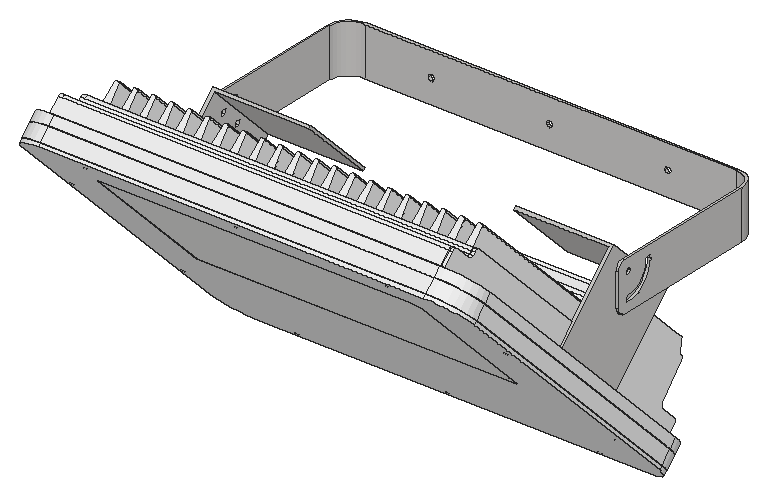
Revit family "FT ATEX LED MAX_2021", category Luminarias, Revit 2021 (continued)
Types (12, lengths in mm): name | Wattage | Power | Position | Archivo de red fotométrica | built-in parameter 1150142 | Modules | Lumens | built-in parameter 1150105 | built-in parameter 1150106 | Equiv MH
    \t0\r\n0\r\n1060.3234\t1056.6199\t1056.6199\t1060.3234\t1065.3088\t1072.4308\t1076.2766\t1086.5323\t1091.5177\t1098.6397\r\n1104.6222\t1113.8808\t1131.4009\t1155.3308\t1190.2286\t1232.2484\t1284.0966\t1334.9477\t1386.2261\t1441.3504\r\n1495.9049\t1554.3053\t1609.9993\t1671.6758\t1736.0587\t1815.1129\t1899.7223\t2006.6947\t2133.8936\t2288.2986\r\n2472.7584\t2667.0466\t2872.8724\t3085.6777\t3298.4831\t3474.8238\t3524.9627\t3392.351\t3060.6083\t2550.8155\r\n1933.0532\t1332.6686\t911.3311\t655.9362\t489.5663\t376.6114\t0\t0\t0\t0\r\n0\t0\t0\t0\t0\t0\t0\t0\t0\t0\r\n0\t0\t0\t0\t0\t0\t0\t0\t0\t0\r\n0\t0\t0\t0\t0\t0\t0\t0\t0\t0\r\n0\t0\t0\t0\t0\t0\t0\t0\t0\t0\r\n0\r\n1060.1809\t1056.9048\t1057.0472\t1060.6082\t1065.5936\t1072.7156\t1077.8435\t1086.5323\t1091.8026\t1099.6368\r\n1105.6193\t1115.4476\t1131.4009\t1154.7611\t1189.5164\t1231.9636\t1284.3815\t1334.9477\t1388.6476\t1442.9172\r\n1500.3205\t1558.436\t1614.5574\t1677.6583\t1743.608\t1822.8047\t1909.2658\t2018.6597\t2146.9981\t2307.1007\r\n2492.9849\t2689.4096\t2894.0959\t3108.3257\t3324.692\t3501.1752\t3562.1395\t3444.4841\t3125.5609\t2602.3788\r\n1956.8407\t1333.5233\t905.3486\t647.8171\t482.7292\t371.0562\t0\t0\t0\t0\r\n0\t0\t0\t0\t0\t0\t0\t0\t0\t0\r\n0\t0\t0\t0\t0\t0\t0\t0\t0\t0\r\n0\t0\t0\t0\t0\t0\t0\t0\t0\t0\r\n0\t0\t0\t0\t0\t0\t0\t0\t0\t0\r\n0\r\n1059.896\t1057.0472\t1057.617\t1060.8931\t1065.8785\t1073.0005\t1079.5528\t1086.5323\t1092.0875\t1100.7763\r\n1106.7588\t1117.1569\t1131.4009\t1154.1913\t1188.6618\t1231.8211\t1284.6664\t1334.9477\t1391.069\t1444.6265\r\n1504.5937\t1562.4244\t1619.2579\t1683.6408\t1751.2998\t1830.4964\t1918.8092\t2030.7671\t2160.1026\t2326.0452\r\n2513.2114\t2711.7727\t2915.3195\t3130.9736\t3350.901\t3527.669\t3599.1739\t3496.6171\t3190.3711\t2653.9421\r\n1980.4858\t1334.3779\t899.3662\t639.5556\t475.892\t365.6435\t0\t0\t0\t0\r\n0\t0\t0\t0\t0\t0\t0\t0\t0\t0\r\n0\t0\t0\t0\t0\t0\t0\t0\t0\t0\r\n0\t0\t0\t0\t0\t0\t0\t0\t0\t0\r\n0\t0\t0\t0\t0\t0\t0\t0\t0\t0\r\n0\r\n1059.896\t1057.617\t1058.1868\t1062.0326\t1066.4483\t1074.5674\t1079.6952\t1087.1021\t1093.0846\t1101.631\r\n1108.8954\t1118.4389\t1133.5375\t1155.046\t1190.5135\t1234.8124\t1287.0878\t1340.0755\t1395.1998\t1451.8909\r\n1510.1489\t1567.4098\t1622.2492\t1686.3472\t1753.7213\t1830.6389\t1919.0941\t2028.488\t2165.2304\t2333.8794\r\n2524.8914\t2728.7231\t2936.1157\t3148.6362\t3354.1771\t3521.4017\t3613.7028\t3539.4916\t3251.6203\t2713.482\r\n2020.0841\t1346.9126\t897.5144\t634.7126\t474.4676\t364.504\t0\t0\t0\t0\r\n0\t0\t0\t0\t0\t0\t0\t0\t0\t0\r\n0\t0\t0\t0\t0\t0\t0\t0\t0\t0\r\n0\t0\t0\t0\t0\t0\t0\t0\t0\t0\r\n0\t0\t0\t0\t0\t0\t0\t0\t0\t0\r\n0\r\n1059.896\t1058.1868\t1058.7565\t1063.1722\t1066.8756\t1076.2766\t1079.9801\t1087.6718\t1094.2241\t1102.3432\r\n1111.1744\t1119.8633\t1135.6741\t1155.9006\t1192.5077\t1237.8036\t1289.6518\t1345.2034\t1399.3306\t1459.2978\r\n1515.5616\t1572.2527\t1625.2404\t1689.0535\t1756.2852\t1830.9238\t1919.379\t2026.3514\t2170.5007\t2341.856\r\n2536.5715\t2745.6734\t2956.912\t3166.4412\t3357.4532\t3515.1343\t3628.0892\t3582.2236\t3312.7271\t2772.8795\r\n2059.6824\t1359.4474\t895.5203\t629.7272\t473.1857\t363.5069\t0\t0\t0\t0\r\n0\t0\t0\t0\t0\t0\t0\t0\t0\t0\r\n0\t0\t0\t0\t0\t0\t0\t0\t0\t0\r\n0\t0\t0\t0\t0\t0\t0\t0\t0\t0\r\n0\t0\t0\t0\t0\t0\t0\t0\t0\t0\r\n0\r\n1059.3263\t1058.4716\t1058.7565\t1063.8844\t1068.3\t1077.2737\t1082.9713\t1089.5236\t1096.6456\t1103.4827\r\n1112.7413\t1121.715\t1137.3834\t1160.0314\t1195.214\t1242.0768\t1292.643\t1348.4795\t1402.8916\t1461.5768\r\n1517.6982\t1573.1074\t1626.8072\t1687.2018\t1756.4276\t1833.4877\t1923.2249\t2032.9037\t2178.3349\t2352.6815\r\n2550.2458\t2762.6238\t2974.8594\t3180.6852\t3372.4094\t3543.7648\t3664.4114\t3617.5487\t3352.0405\t2810.0563\r\n2083.6123\t1365.145\t890.9622\t624.3145\t469.9096\t362.6522\t0\t0\t0\t0\r\n0\t0\t0\t0\t0\t0\t0\t0\t0\t0\r\n0\t0\t0\t0\t0\t0\t0\t0\t0\t0\r\n0\t0\t0\t0\t0\t0\t0\t0\t0\t0\r\n0\t0\t0\t0\t0\t0\t0\t0\t0\t0\r\n0\r\n1058.7565\t1058.7565\t1058.7565\t1064.739\t1069.7244\t1078.4132\t1086.105\t1091.5177\t1099.067\t1104.6222\r\n1114.4506\t1123.7092\t1138.9502\t1164.0197\t1197.9204\t1246.4924\t1295.6342\t1351.7556\t1406.4526\t1463.7134\r\n1519.8348\t1573.962\t1628.5165\t1685.2076\t1756.7125\t1835.9092\t1927.0708\t2039.4559\t2186.3116\t2363.6494\r\n2563.92\t2779.4317\t2992.8068\t3194.7868\t3387.5081\t3572.3952\t3700.7336\t3652.7314\t3391.2115\t2847.2332\r\n2107.6847\t1370.985\t886.2617\t618.9018\t466.6334\t361.7976\t0\t0\t0\t0\r\n0\t0\t0\t0\t0\t0\t0\t0\t0\t0\r\n0\t0\t0\t0\t0\t0\t0\t0\t0\t0\r\n0\t0\t0\t0\t0\t0\t0\t0\t0\t0\r\n0\t0\t0\t0\t0\t0\t0\t0\t0\t0\r\n0\r\n1059.896\t1058.7565\t1060.1809\t1065.5936\t1071.861\t1081.1196\t1087.9567\t1094.2241\t1100.7763\t1106.7588\r\n1115.3052\t1124.2789\t1140.6595\t1164.8743\t1201.4814\t1248.0593\t1299.1952\t1354.7468\t1408.874\t1463.9983\r\n1518.8377\t1573.962\t1630.0834\t1688.4838\t1759.7038\t1837.7609\t1930.6318\t2043.5867\t2191.4394\t2369.6318\r\n2571.6118\t2789.545\t3007.0508\t3217.4347\t3427.2488\t3624.1009\t3736.771\t3683.4984\t3423.6878\t2869.8811\r\n2119.3648\t1367.8513\t878.4275\t609.3583\t457.3748\t354.5332\t0\t0\t0\t0\r\n0\t0\t0\t0\t0\t0\t0\t0\t0\t0\r\n0\t0\t0\t0\t0\t0\t0\t0\t0\t0\r\n0\t0\t0\t0\t0\t0\t0\t0\t0\t0\r\n0\t0\t0\t0\t0\t0\t0\t0\t0\t0\r\n0\r\n1060.8931\t1058.7565\t1061.4629\t1066.4483\t1073.9976\t1083.826\t1089.8084\t1096.9304\t1102.3432\t1108.8954\r\n1116.0174\t1124.8487\t1142.2264\t1165.729\t1205.0424\t1249.7686\t1302.7562\t1357.8805\t1411.2955\t1464.2832\r\n1517.6982\t1573.962\t1631.7926\t1691.7599\t1762.695\t1839.755\t1934.1928\t2047.575\t2196.5672\t2375.6143\r\n2579.1611\t2799.6582\t3021.2948\t3240.0827\t3467.132\t3675.6642\t3772.8083\t3714.4079\t3456.1642\t2892.5291\r\n2131.1873\t1364.8601\t870.4508\t599.8148\t448.1162\t347.1263\t0\t0\t0\t0\r\n0\t0\t0\t0\t0\t0\t0\t0\t0\t0\r\n0\t0\t0\t0\t0\t0\t0\t0\t0\t0\r\n0\t0\t0\t0\t0\t0\t0\t0\t0\t0\r\n0\t0\t0\t0\t0\t0\t0\t0\t0\t0\r\n0\r\n1060.1809\t1059.896\t1062.0326\t1067.1605\t1075.7069\t1084.3957\t1092.5148\t1098.6397\t1105.4768\t1112.4564\r\n1120.7179\t1131.116\t1147.2118\t1171.9963\t1208.3185\t1253.8993\t1304.8928\t1358.023\t1411.0106\t1461.5768\r\n1516.8436\t1574.5318\t1632.9322\t1695.8906\t1767.9653\t1845.7375\t1937.8962\t2053.1302\t2198.8463\t2379.1753\r\n2584.1465\t2808.347\t3030.5534\t3256.4633\t3496.0474\t3713.5532\t3808.988\t3738.0529\t3463.571\t2888.1134\r\n2119.9345\t1349.3341\t859.483\t592.9777\t443.1308\t343.8502\t0\t0\t0\t0\r\n0\t0\t0\t0\t0\t0\t0\t0\t0\t0\r\n0\t0\t0\t0\t0\t0\t0\t0\t0\t0\r\n0\t0\t0\t0\t0\t0\t0\t0\t0\t0\r\n0\t0\t0\t0\t0\t0\t0\t0\t0\t0\r\n0\r\n1059.3263\t1060.8931\t1062.6024\t1068.0151\t1077.2737\t1084.9655\t1095.3636\t1100.2066\t1108.4681\t1116.0174\r\n1125.276\t1137.3834\t1152.0547\t1178.2637\t1211.5946\t1257.8876\t1307.0294\t1358.3078\t1410.7258\t1458.728\r\n1516.1314\t1574.9591\t1633.9292\t1700.0214\t1773.0931\t1851.72\t1941.7421\t2058.5429\t2200.9829\t2382.7363\r\n2588.9894\t2817.1783\t3039.812\t3272.8439\t3524.9627\t3751.4423\t3845.3102\t3761.8404\t3470.9779\t2883.6978\r\n2108.8242\t1333.8082\t848.6575\t586.1406\t438.2879\t340.574\t0\t0\t0\t0\r\n0\t0\t0\t0\t0\t0\t0\t0\t0\t0\r\n0\t0\t0\t0\t0\t0\t0\t0\t0\t0\r\n0\t0\t0\t0\t0\t0\t0\t0\t0\t0\r\n0\t0\t0\t0\t0\t0\t0\t0\t0\t0\r\n0\r\n1060.1809\t1060.8931\t1063.457\t1069.4395\t1078.4132\t1088.2416\t1096.3607\t1104.3373\t1112.1715\t1120.7179\r\n1130.5463\t1140.6595\t1157.325\t1182.1096\t1218.4318\t1263.4428\t1312.2997\t1361.8688\t1412.435\t1463.4286\r\n1516.4162\t1574.9591\t1633.3595\t1699.7365\t1768.535\t1846.5922\t1940.1752\t2058.8278\t2208.3898\t2391.9949\r\n2600.5271\t2821.4515\t3044.5126\t3279.1112\t3530.3754\t3745.7447\t3829.7843\t3737.4832\t3433.5162\t2848.2302\r\n2079.624\t1319.2793\t839.6838\t579.3035\t434.1571\t338.8648\t0\t0\t0\t0\r\n0\t0\t0\t0\t0\t0\t0\t0\t0\t0\r\n0\t0\t0\t0\t0\t0\t0\t0\t0\t0\r\n0\t0\t0\t0\t0\t0\t0\t0\t0\t0\r\n0\t0\t0\t0\t0\t0\t0\t0\t0\t0\r\n0\r\n1060.8931\t1060.8931\t1064.1692\t1070.7215\t1079.5528\t1091.5177\t1097.5002\t1108.4681\t1116.0174\t1125.276\r\n1135.6741\t1143.9356\t1162.4528\t1185.9554\t1225.2689\t1268.8555\t1317.4276\t1365.4298\t1414.0019\t1468.1291\r\n1516.7011\t1574.9591\t1632.9322\t1699.4516\t1763.8345\t1841.3219\t1938.466\t2059.1126\t2215.7966\t2401.2535\r\n2611.9223\t2825.8672\t3049.0706\t3285.3786\t3535.9306\t3740.0471\t3814.2583\t3713.2684\t3396.1969\t2812.7627\r\n2050.4238\t1304.8928\t830.5676\t572.4664\t430.0264\t337.2979\t0\t0\t0\t0\r\n0\t0\t0\t0\t0\t0\t0\t0\t0\t0\r\n0\t0\t0\t0\t0\t0\t0\t0\t0\t0\r\n0\t0\t0\t0\t0\t0\t0\t0\t0\t0\r\n0\t0\t0\t0\t0\t0\t0\t0\t0\t0\r\n0\r\n1061.178\t1060.8931\t1065.8785\t1072.4308\t1081.4045\t1093.0846\t1101.631\t1112.0291\t1120.1482\t1129.9765\r\n1139.2351\t1147.924\t1165.729\t1190.5135\t1228.2601\t1270.5648\t1318.2822\t1365.4298\t1414.2868\t1466.9896\r\n1516.7011\t1575.244\t1633.3595\t1697.0302\t1763.8345\t1843.316\t1941.7421\t2062.9585\t2220.0698\t2408.9453\r\n2619.0443\t2836.2653\t3057.7595\t3291.0762\t3517.8407\t3700.4488\t3757.1399\t3633.3595\t3293.6401\t2706.6449\r\n1978.9189\t1288.5122\t852.7883\t583.4342\t432.4478\t335.5886\t0\t0\t0\t0\r\n0\t0\t0\t0\t0\t0\t0\t0\t0\t0\r\n0\t0\t0\t0\t0\t0\t0\t0\t0\t0\r\n0\t0\t0\t0\t0\t0\t0\t0\t0\t0\r\n0\t0\t0\t0\t0\t0\t0\t0\t0\t0\r\n0\r\n1061.4629\t1060.8931\t1067.4454\t1073.9976\t1083.2562\t1094.7938\t1105.6193\t1115.4476\t1124.2789\t1134.677\r\n1142.7961\t1152.0547\t1169.0051\t1195.214\t1231.2514\t1272.1316\t1319.1368\t1365.4298\t1414.5716\t1465.85\r\n1516.7011\t1575.5288\t1633.9292\t1694.6087\t1763.8345\t1845.1678\t1945.0182\t2066.8044\t2224.4855\t2416.637\r\n2626.1663\t2846.6634\t3066.5908\t3296.9162\t3499.8932\t3660.8504\t3700.1639\t3553.3082\t3190.9409\t2600.5271\r\n1907.414\t1272.1316\t874.8665\t594.2597\t435.0118\t334.0218\t0\t0\t0\t0\r\n0\t0\t0\t0\t0\t0\t0\t0\t0\t0\r\n0\t0\t0\t0\t0\t0\t0\t0\t0\t0\r\n0\t0\t0\t0\t0\t0\t0\t0\t0\t0\r\n0\t0\t0\t0\t0\t0\t0\t0\t0\t0\r\n0\r\n1066.7332\t1067.1605\t1072.1459\t1080.8347\t1089.5236\t1104.0524\t1116.0174\t1128.5521\t1138.3805\t1149.0635\r\n1158.607\t1168.1504\t1184.531\t1207.179\t1241.507\t1280.8205\t1325.6891\t1369.5606\t1415.996\t1464.9954\r\n1514.707\t1571.9678\t1632.0775\t1691.3326\t1760.2735\t1838.0458\t1932.1986\t2047.1477\t2198.2765\t2387.152\r\n2594.9719\t2817.4632\t3041.3789\t3278.5415\t3507.3001\t3689.196\t3752.8667\t3639.0571\t3289.2245\t2715.3337\r\n2029.6276\t1375.828\t940.5313\t637.1341\t458.087\t343.8502\t0\t0\t0\t0\r\n0\t0\t0\t0\t0\t0\t0\t0\t0\t0\r\n0\t0\t0\t0\t0\t0\t0\t0\t0\t0\r\n0\t0\t0\t0\t0\t0\t0\t0\t0\t0\r\n0\t0\t0\t0\t0\t0\t0\t0\t0\t0\r\n0" | "4" | 13400 lm | 1066.3 (stored number, unit not read) | 10.663 (stored number, unit not read) | 150 W
